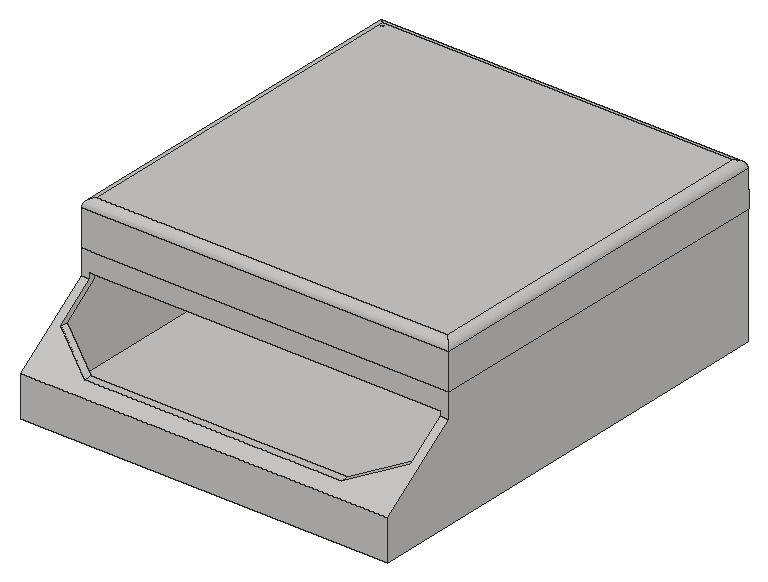
Revit family "rba-bim-b4262", category Specialty Equipment, host Face, Revit 2018
Family settings
  Host = Face
  Round Connector Dimension = Use Diameter
  Part Type = Normal
  OmniClass Number = 23.40.20.21.17
  OmniClass Title = Paper Towel Dispensers, Disposal Units
  Cut with Voids When Loaded = No
  Shared = No
  Room Calculation Point = No
Parameters (values of type "B-4262")
  URL = "www.rba.com.au"
  Type Comments = "Satin Finish"
  Product Page URL = ""
  Modified Issue = "20200612.01"
  Model = "B4262"
  Materials and Finishes = Stainless Steel - Bobrick - Satin
  Manufacturer = "RBA Group"
  Description = "Surface Mounted Paper Towel Dispenser"
  Default Elevation = 1.6764 m
  Copyright by = "RBA Group"  # constant formula
  Assembly Code = "C1030210"
  ADA Compliant = yes
Reference planes (m)
  plane 1 "Center (Front/Back)": y = 0
  plane 2: z = 0
  plane 3 "Center (Left/Right)": x = 0
  plane 4: x = -0.137319
  plane 5 "Top": y = 0.168275
  plane 6: x = 0.137319
  plane 7: y = -0.168275
  plane 8: x = -0.096044
  plane 9: x = 0.096044
  plane 10: y = 0.092075
  plane 11: y = -0.111125
  plane 12: z = 0.003175
  plane 13: z = 0.0889
  plane 14: z = 0.122238
  plane 15: z = 0.070644
  plane 16: z = 0.030163
  plane 17: x = -0.134144
  plane 18: x = 0.134144
  plane 19: y = 0.1651
  plane 20: z = 0.00635
  plane 21: z = 0.115888
  plane 22: x = -0.130969
  plane 23: y = -0.104775
  plane 24: x = 0.130969
  plane 25: y = 0.161925
  plane 26: x = -0.130969
  plane 27: z = 0.119063
  plane 28: z = 0.066675
  plane 29: y = 0.173037
  plane 30: z = 0.051114
Forms (m)
  Extrusion 1, solid, material "Stainless Steel - Bobrick - Satin" <- "Materials and Finishes"
    sketch origin (-0.137319, 0.492434, 1.2192) x (0, 1, 0) y (0, 0, 1)
      loop
        line (-0.324159, -1.216025) -> (-0.324159, -1.1303) -> (-0.603559, -1.1303) -> (-0.603559, -1.148556) -> (-0.660709, -1.189037) -> (-0.660709, -1.216025) -> (-0.324159, -1.216025)
    from 0 to 0.003175
  Extrusion 2, solid, material "Stainless Steel - Bobrick - Satin" <- "Materials and Finishes"
    sketch origin (0.137319, 0.492434, 1.2192) x (0, 1, 0) y (0, 0, -1)
      loop
        line (-0.324159, 1.216025) -> (-0.660709, 1.216025) -> (-0.660709, 1.189037) -> (-0.603559, 1.148556) -> (-0.603559, 1.1303) -> (-0.324159, 1.1303) -> (-0.324159, 1.216025)
    from 0 to 0.003175
  Extrusion 3, solid, material "Stainless Steel - Bobrick - Satin" <- "Materials and Finishes"
    sketch origin (-0.490846, 0.168275, 1.2192) x (-1, 0, 0) y (0, 0, 1)
      loop
        line (-0.353527, -1.216025) -> (-0.353527, -1.1303) -> (-0.628165, -1.1303) -> (-0.628165, -1.216025) -> (-0.353527, -1.216025)
    from 0 to -0.003175
  Extrusion 4, solid, material "Stainless Steel - Bobrick - Satin" <- "Materials and Finishes"
    sketch origin (0, 0, 0) x (0, 1, 0) y (0, 0, 1)
      loop
        line (-0.111125, 0.070644) -> (-0.168275, 0.030163) -> (-0.168275, 0.003175) -> (-0.1651, 0.003175) -> (-0.1651, 0.028521) -> (-0.10795, 0.069002) -> (-0.10795, 0.0889) -> (-0.111125, 0.0889) -> (-0.111125, 0.070644)
    from -0.137319 to 0.137319
  Extrusion 5, solid, material "Stainless Steel - Bobrick - Satin" <- "Materials and Finishes"
    sketch origin (0, 0, 0) x (1, 0, 0) y (0, 1, 0)
      loop
        line (-0.137319, 0.168275) -> (-0.137319, -0.168275) -> (0.137319, -0.168275) -> (0.137319, 0.168275) -> (-0.137319, 0.168275)
    from 0 to 0.00635
  Sweep 6, solid, material "Stainless Steel - Bobrick - Satin" <- "Materials and Finishes"
    path origin (0, 0.451347, 0.0889) x (0, 1, 0) y (-1, 0, 0)
      loop
        line (-0.562472, 0.137319) -> (-0.562472, -0.137319) -> (-0.283072, -0.137319) -> (-0.283072, 0.137319) -> (-0.562472, 0.137319)
    profile origin (-0.137319, 0.028575, 0.0889) x (1, 0, 0) y (0, 0, 1)
      loop
        line (0, 0.026988) -> (0, 0) -> (0.003175, 0) -> (0.003175, 0.026988)
        arc (0.003175, 0.026988) -> (0.004105, 0.029233) -> (0.00635, 0.030163) r 0.003175
        line (0.00635, 0.030163) -> (0.00635, 0.033338)
        arc (0.00635, 0.033338) -> (0.00186, 0.031478) -> (0, 0.026988) r 0.00635
  Extrusion 7, solid, material "Stainless Steel - Bobrick - Satin" <- "Materials and Finishes"
    sketch origin (0, 0, 0) x (1, 0, 0) y (0, 1, 0)
      loop
        line (-0.130969, 0.161925) -> (-0.130969, -0.104775) -> (0.130969, -0.104775) -> (0.130969, 0.161925) -> (-0.130969, 0.161925)
    from 0.119063 to 0.122238
  Extrusion 8, solid, material "Stainless Steel - Bobrick - Satin" <- "Materials and Finishes", detail levels fine
    sketch origin (0, 0, 0) x (1, 0, 0) y (0, 0, 1)
      loop
        circle (0, 0.066675) r 0.011113
    from -0.173037 to -0.168275
  Extrusion 9, void
    sketch origin (0, 0, 0) x (-1, 0, 0) y (0, 0, 1)
      loop
        line (0.130969, 0.074612) -> (-0.130969, 0.074612) -> (-0.130969, 0.051114) -> (-0.096044, 0.036513) -> (0.096044, 0.036512) -> (0.130969, 0.051114) -> (0.130969, 0.074612)
    from -0.168275 to -0.104775
Cuts and joins
  Extrusion 9 cuts Extrusion 1
  Extrusion 9 cuts Extrusion 2
  Extrusion 9 cuts Extrusion 3
  Extrusion 9 cuts Extrusion 4
  Extrusion 9 cuts Extrusion 5
  joined: Extrusion 1, Extrusion 2, Extrusion 3, Extrusion 4, Extrusion 5
  joined: Sweep 6, Extrusion 7
  Extrusion 9 cuts Extrusion 8
Lines and regions (m)
  Masking region 1
    outline origin (0, 0, 0) x (1, 0, 0) y (0, 0, 1)
      loop
        line (0.137319, 0) -> (0.137319, 0.119063)
        arc (0.137319, 0.119063) -> (0.136389, 0.121308) -> (0.134144, 0.122238) r 0.003175
        line (0.134144, 0.122238) -> (-0.134144, 0.122238)
        arc (-0.134144, 0.122238) -> (-0.136389, 0.121308) -> (-0.137319, 0.119063) r 0.003175
        line (-0.137319, 0.119063) -> (-0.137319, 0) -> (0.137319, 0)
  Masking region 2
    outline origin (0.016368, 0, 0.066675) x (1, 0, 0) y (0, 1, 0)
      loop
        line (-0.153687, 0.168275) -> (-0.153687, -0.168275) -> (0.120951, -0.168275) -> (0.120951, 0.168275) -> (-0.153687, 0.168275)
  Masking region 3, detail levels fine
    outline origin (0.016368, 0, 0.066675) x (1, 0, 0) y (0, 1, 0)
      loop
        line (-0.02748, 0.173037) -> (-0.02748, 0.168275) -> (-0.005255, 0.168275) -> (-0.005255, 0.173037) -> (-0.02748, 0.173037)
  Masking region 4
    outline origin (0, 0, 0) x (0, 1, 0) y (0, 0, 1)
      loop
        line (-0.168275, 0) -> (0.168275, 0) -> (0.168275, 0.115888)
        arc (0.168275, 0.115888) -> (0.166415, 0.120378) -> (0.161925, 0.122238) r 0.00635
        line (0.161925, 0.122238) -> (-0.104775, 0.122238)
        arc (-0.104775, 0.122238) -> (-0.109265, 0.120378) -> (-0.111125, 0.115888) r 0.00635
        line (-0.111125, 0.115888) -> (-0.111125, 0.070644) -> (-0.168275, 0.030162) -> (-0.168275, 0)
  Masking region 5, detail levels fine
    outline origin (0, 0, 0) x (0, 1, 0) y (0, 0, 1)
      loop
        line (0.168275, 0.055562) -> (0.173037, 0.055562) -> (0.173037, 0.077787) -> (0.168275, 0.077787) -> (0.168275, 0.055562)
  reference lines
    curve 1: line (0, -0.111125, 0.070644) -> (0, -0.168275, 0.030162)
  symbolic lines, detail levels fine
    curve 2: circle (0, 0, 0.066675) r 0.011113 normal (0, -1, 0)
  symbolic lines
    curve 3: line (-0.096044, -0.15931, 0.066675) -> (-0.130969, -0.138696, 0.066675)
    curve 4: line (0.096044, -0.15931, 0.066675) -> (-0.096044, -0.15931, 0.066675)
    curve 5: line (0.130969, -0.138696, 0.066675) -> (0.096044, -0.15931, 0.066675)
    curve 6: line (0.130969, -0.138696, 0.066675) -> (0.130969, -0.116728, 0.066675)
    curve 7: line (-0.130969, -0.116728, 0.066675) -> (0.130969, -0.116728, 0.066675)
    curve 8: line (-0.130969, -0.116728, 0.066675) -> (-0.130969, -0.138696, 0.066675)
    curve 9: line (-0.137319, -0.111125, 0.066675) -> (0.137319, -0.111125, 0.066675)
Dimensions and locks (m)
  locked: plane 4 to plane 6 at 0.274637
  equal spacing: plane 4, plane 3 "Center (Left/Right)", plane 6
  locked: plane 5 "Top" to plane 7 at 0.33655
  equal spacing: plane 5 "Top", plane 1 "Center (Front/Back)", plane 7
  locked: plane 4 to plane 8 at 0.041275
  locked: plane 9 to plane 6 at 0.041275
  locked: plane 5 "Top" to plane 10 at 0.0762
  locked: plane 10 to plane 11 at 0.2032
  locked: plane 12 to level at 0.003175
  locked: plane 13 to level at 0.0889
  locked: plane 14 to plane 13 at 0.033337
  locked: plane 15 to plane 2 at 0.070644
  locked: plane 16 to plane 12 at 0.026987
  locked: plane 4 to plane 17 at 0.003175
  locked: plane 18 to plane 6 at 0.003175
  locked: plane 5 "Top" to plane 19 at 0.003175
  locked: Extrusion 4 sketch curve to plane 11 at 0.003175
  locked: Extrusion 4 sketch curve to plane 7 at 0.003175
  locked: Extrusion 4 sketch curve to curve 1 at 0.003175
  locked: plane 20 to plane 12 at 0.003175
  locked: plane 14 to plane 21 at 0.00635
  locked: plane 22 to plane 4 at 0.00635
  locked: plane 5 "Top" to plane 25 at 0.00635
  plane 4 to plane 8 = 0.041275 m
  plane 9 to plane 6 = 0.041275 m
  locked: plane 23 to plane 11 at 0.00635
  locked: plane 4 to plane 26 at 0.00635
  locked: plane 24 to plane 6 at 0.00635
  locked: plane 14 to plane 27 at 0.003175
  locked: plane 12 to plane 28 at 0.0635
  locked: plane 3 "Center (Left/Right)" to Extrusion 8 sketch curve at 0
  locked: plane 28 to Extrusion 8 sketch curve at 0
  locked: plane 3 "Center (Left/Right)" to Extrusion 8 sketch curve at 0.011113
  locked: plane 29 to plane 5 "Top" at 0.004763
  locked: Extrusion 9 sketch curve to plane 15 at 0.003969
  locked: Extrusion 9 sketch curve to plane 16 at 0.00635
  locked: plane 15 to plane 30 at 0.01953
  locked: plane 18 to Masking region 1 sketch curve
  locked: plane 27 to Masking region 1 sketch curve at 0  (x2)
  locked: plane 17 to Masking region 1 sketch curve at 0
  locked: plane 3 "Center (Left/Right)" to curve 2 at 0
  locked: plane 28 to curve 2 at 0
  Masking region 3 sketch curve to plane 3 "Center (Left/Right)" to Masking region 3 sketch curve = 0.011113 m locked, 0.011113 m locked
  locked: plane 25 to Masking region 4 sketch curve at 0
  locked: plane 27 to Masking region 4 sketch curve at 0.003175  (x2)
  locked: plane 23 to Masking region 4 sketch curve at 0
  Masking region 5 sketch curve to plane 28 to Masking region 5 sketch curve = 0.011113 m locked, 0.011112 m locked
  aligned and locked: plane 2 to host face
  aligned and locked: level to host face
  aligned and locked: plane 5 "Top" to Extrusion 1 sketch curve
  aligned and locked: plane 13 to Extrusion 1 sketch curve
  aligned and locked: plane 11 to Extrusion 1 sketch curve
  aligned and locked: plane 7 to Extrusion 1 sketch curve
  aligned and locked: plane 12 to Extrusion 1 sketch curve
  aligned and locked: Extrusion 1 to plane 4
  aligned and locked: plane 17 to Extrusion 1
  aligned and locked: plane 18 to Extrusion 2
  aligned and locked: plane 6 to Extrusion 2
  aligned and locked: Extrusion 2 to plane 18
  aligned and locked: Extrusion 3 sketch curve to plane 12
  aligned and locked: Extrusion 3 sketch curve to plane 13
  aligned and locked: Extrusion 3 sketch curve to plane 6
  aligned and locked: Extrusion 3 sketch curve to plane 4
  aligned and locked: plane 19 to Extrusion 3
  aligned and locked: plane 5 "Top" to Extrusion 3
  aligned and locked: plane 11 to Extrusion 4 sketch curve
  aligned and locked: plane 7 to Extrusion 4 sketch curve
  aligned and locked: plane 12 to Extrusion 4 sketch curve
  aligned and locked: plane 13 to Extrusion 4 sketch curve
  aligned and locked: plane 7 to curve 1
  aligned and locked: plane 16 to curve 1
  aligned and locked: plane 15 to curve 1
  aligned and locked: plane 11 to curve 1
  aligned and locked: Extrusion 4 sketch curve to curve 1
  aligned and locked: Extrusion 4 to plane 4
  aligned and locked: plane 6 to Extrusion 4
  aligned and locked: Extrusion 5 sketch curve to plane 4
  aligned and locked: Extrusion 5 sketch curve to plane 5 "Top"
  aligned and locked: Extrusion 5 sketch curve to plane 6
  aligned and locked: Extrusion 5 sketch curve to plane 7
  aligned: Extrusion 5 to plane 12  (x2)
  aligned: Extrusion 5 to plane 2
  aligned: plane 12 to Extrusion 5
  aligned and locked: plane 20 to Extrusion 5
  aligned and locked: Sweep 6 sketch curve to plane 11
  aligned and locked: Sweep 6 sketch curve to plane 4  (x2)
  aligned and locked: Sweep 6 sketch curve to plane 6
  aligned and locked: Sweep 6 sketch curve to plane 5 "Top"
  aligned and locked: Sweep 6 sketch curve to plane 17
  aligned and locked: Sweep 6 sketch curve to plane 13
  aligned and locked: plane 26 to Extrusion 7 sketch curve
  aligned and locked: Extrusion 7 sketch curve to plane 25
  aligned and locked: Extrusion 7 sketch curve to plane 24
  aligned and locked: Extrusion 7 sketch curve to plane 23
  aligned and locked: Extrusion 7 to plane 27
  aligned and locked: plane 14 to Extrusion 7
  aligned and locked: Extrusion 8 to plane 5 "Top"
  aligned and locked: plane 29 to Extrusion 8
  aligned and locked: cut or joined group of Extrusion 1, Extrusion 2, Extrusion 3, Extrusion 4, Extrusion 5, Extrusion 9 to plane 2
  aligned and locked: plane 26 to Extrusion 9 sketch curve
  aligned and locked: Extrusion 9 sketch curve to plane 24
  aligned and locked: Extrusion 9 sketch curve to plane 30
  aligned and locked: plane 30 to Extrusion 9 sketch curve
  aligned and locked: Extrusion 9 to plane 7
  aligned and locked: plane 23 to Extrusion 9
  aligned and locked: plane 6 to Masking region 1 sketch curve
  aligned and locked: plane 14 to Masking region 1 sketch curve
  aligned and locked: plane 2 to Masking region 1 sketch curve
  aligned and locked: plane 4 to Masking region 1 sketch curve
  aligned and locked: Masking region 2 sketch curve to plane 4
  aligned and locked: Masking region 2 sketch curve to plane 5 "Top"
  aligned and locked: Masking region 2 sketch curve to plane 7
  aligned and locked: Masking region 2 sketch curve to plane 6
  aligned and locked: Masking region 3 sketch curve to plane 29
  aligned and locked: Masking region 3 sketch curve to plane 5 "Top"
  aligned and locked: plane 26 to curve 8
  aligned and locked: curve 9 to plane 11
  aligned and locked: plane 4 to curve 9
  aligned and locked: plane 6 to curve 9
  aligned and locked: plane 7 to Masking region 4 sketch curve
  aligned and locked: Masking region 4 sketch curve to curve 1
  aligned and locked: plane 11 to Masking region 4 sketch curve
  aligned and locked: plane 14 to Masking region 4 sketch curve
  aligned and locked: plane 5 "Top" to Masking region 4 sketch curve
  aligned and locked: plane 2 to Masking region 4 sketch curve
  aligned and locked: plane 5 "Top" to Masking region 5 sketch curve
  aligned and locked: plane 29 to Masking region 5 sketch curve
  aligned and locked: plane 15 to Extrusion 1 sketch curve
  aligned and locked: plane 16 to Extrusion 1 sketch curve
  aligned and locked: plane 13 to Extrusion 2 sketch curve
  aligned and locked: plane 5 "Top" to Extrusion 2 sketch curve
  aligned and locked: plane 12 to Extrusion 2 sketch curve
  aligned and locked: plane 7 to Extrusion 2 sketch curve  (x2)
  aligned and locked: plane 16 to Extrusion 2 sketch curve
  aligned and locked: plane 11 to Extrusion 2 sketch curve
  aligned and locked: plane 15 to Extrusion 2 sketch curve
Automatic sketch dimensions
  host sketch curve to host sketch curve = 2.4384 m  (x2)
  Sweep 6 sketch curve to Sweep 6 sketch curve = 0.000 m  (x2)
  Sweep 6 sketch curve to plane 22 = 0.000 m  (x2)
  Sweep 6 sketch curve to plane 21 = 0.000 m
  Extrusion 9 sketch curve to plane 9 = 0.000 m
  Extrusion 9 sketch curve to plane 8 = 0.000 m
  Masking region 1 sketch curve to Masking region 1 sketch curve = 0.003175 m
  curve 4 to plane 8 = 0.000 m
  curve 5 to plane 9 = 0.000 m
  curve 5 to plane 24 = 0.000 m
  curve 6 to plane 11 = 0.005603 m
  curve 8 to curve 7 = 0.021968 m
  curve 6 to curve 6 = 0.021968 m
  plane 7 to curve 3 = 0.008965 m
  radius of curve 2 = 0.011113 m
